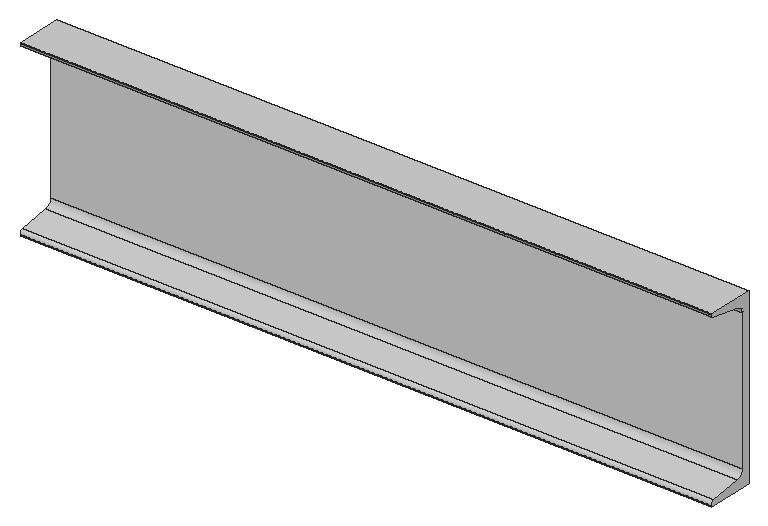
Revit family "22e1c90caf0e490dafe9a4166c912bf5", category Structural Framing, Revit 2021
Family settings
  Structural Framing Length Roundoff = 0' - 0"
  Section Shape = C-channel Sloped Flange
  Material for Model Behavior = Steel
  Always export as geometry = No
  Family Name Key = C Shapes
  Code Name = AISC 14.1
  OmniClass Number = 23.25.30.11.14.14
  OmniClass Title = Beams
  Seek Item ID = C Shapes-0000-USA-ENU
  Always vertical = Yes
  Cut with Voids When Loaded = No
  Symbolic Representation = From Project Settings
  Shared = No
  Show family pre-cut in plan views = Yes
Parameters (values of type "C12X30")
  Width = 0' - 3.17"
  Web Thickness = 0.5100"
  Web Fillet = 0.5010"
  Warping Constant = 151.00 in⁶
  Torsional Moment of Inertia = 0.8610 in⁴
  Structural Material [instance] = Steel ASTM A36
  Sloped Flange Angle = 9.46°
  Section Name Key = ""
  Section Area = 8.81 in²
  Principal Axes Angle = 0.00°
  Plastic Modulus weak axis = 4.320 in³
  Plastic Modulus strong axis = 33.800 in³
  Nominal Weight = 30.00 lbf/ft
  Moment of Inertia weak axis = 5.1200 in⁴
  Moment of Inertia strong axis = 162.0000 in⁴
  Height = 1' - 0"
  Flange Thickness Location = 1.3300"
  Flange Thickness = 0.5010"
  Flange Fillet = 0.2505"
  Elastic Modulus weak axis = 2.050 in³
  Elastic Modulus strong axis = 27.000 in³
  Centroid Vertical = Height / 2  # 6.0000"
  Centroid Horizontal = 0' - 0.674"
  Bolt Spacing = 0' - 1 3/4"
  Assembly Code = "B10"
  Length [instance] = 5' - 0"
Types (2): name | Width | Web Thickness | Web Fillet | Warping Constant | Torsional Moment of Inertia | Section Area | Plastic Modulus weak axis | Plastic Modulus strong axis | Nominal Weight | Moment of Inertia weak axis | Moment of Inertia strong axis | Height | Flange Thickness Location | Flange Thickness | Flange Fillet | Elastic Modulus weak axis | Elastic Modulus strong axis | Centroid Vertical | Centroid Horizontal | Bolt Spacing
  C12X30 | 0' - 3.17" | 0.5100" | 0.5010" | 151.00 in⁶ | 0.8610 in⁴ | 8.81 in² | 4.320 in³ | 33.800 in³ | 30.00 lbf/ft | 5.1200 in⁴ | 162.0000 in⁴ | 1' - 0" | 1.3300" | 0.5010" | 0.2505" | 2.050 in³ | 27.000 in³ | 6.0000" | 0' - 0.674" | 0' - 1 3/4"
  C15X33.9 | 0' - 3.4" | 0.4000" | 0.6500" | 358.00 in⁶ | 1.0100 in⁴ | 10.00 in² | 6.190 in³ | 50.800 in³ | 33.90 lbf/ft | 8.0700 in⁴ | 315.0000 in⁴ | 1' - 3" | 1.5000" | 0.6500" | 0.3250" | 3.090 in³ | 42.000 in³ | 7.5000" | 0' - 0.788" | 0' - 2"
Reference planes (in)
  plane 1 "Center (Front/Back)": y = 0
  plane 2: z = 0
  plane 3 "Center (Left/Right)": x = 0.1815
  plane 4 "Member Left": x = -23.8185
  plane 5 "Member Right": x = 24.1815
  plane 6 "Center Left/Right": y = 0.674
  plane 7: y = -2.496
  plane 8 "Top": z = 6
  plane 9: z = -6
  plane 10 "Left": x = -29.8185
  plane 11 "Right": x = 30.1815
Forms (in)
  Sweep 1, solid, material "Steel ASTM A36" <- "Structural Material", detail levels fine
    path origin (0, 0, 0) x (1, 0, 0) y (0, 1, 0)
      loop
        line (-23.8185, 0) -> (24.1815, 0)
    profile "C-Shape-Profile-Fine : C-Shape-Profile-Fine" origin (0.1815, 0, 0) x (0, 1, 0) y (0, 0, 1)
      loop
        line (-2.496, 6) -> (-2.496, 5.93283)
        arc (-2.496, 5.93283) -> (-2.43663, 5.7709) -> (-2.28667, 5.68573) r 0.2505
        line (-2.28667, 5.68573) -> (-1.166, 5.499) -> (-0.25466, 5.34715)
        arc (-0.25466, 5.34715) -> (0.04527, 5.1768) -> (0.164, 4.85296) r 0.501
        line (0.164, 4.85296) -> (0.164, -4.85296)
        arc (0.164, -4.85296) -> (0.04527, -5.1768) -> (-0.25466, -5.34715) r 0.501
        line (-0.25466, -5.34715) -> (-1.166, -5.499) -> (-2.28667, -5.68573)
        arc (-2.28667, -5.68573) -> (-2.43663, -5.7709) -> (-2.496, -5.93283) r 0.2505
        line (-2.496, -5.93283) -> (-2.496, -6) -> (0.674, -6) -> (0.674, 6) -> (-2.496, 6)
  Sweep 2, solid, material "Steel ASTM A36" <- "Structural Material", detail levels medium
    path origin (0, 0, 0) x (1, 0, 0) y (0, 1, 0)
      loop
        line (-23.8185, 0) -> (24.1815, 0)
    profile "C-Shape-Profile-Medium : C-Shape-Profile-Medium" origin (0.1815, 0, 0) x (0, 1, 0) y (0, 0, 1)
      loop
        line (-2.496, 6) -> (-2.496, 5.72061) -> (-1.166, 5.499) -> (0.164, 5.27739) -> (0.164, -5.27739) -> (-1.166, -5.499) -> (-2.496, -5.72061) -> (-2.496, -6) -> (0.674, -6) -> (0.674, 6) -> (-2.496, 6)
Lines and regions (in)
  symbolic lines, style "Hidden Faces", detail levels medium+fine
    curve 1: line (-23.8185, 0.674, 5.72061) -> (24.1815, 0.674, 5.72061)
    curve 2: line (-23.8185, 0.674, -5.72061) -> (24.1815, 0.674, -5.72061)
    curve 6: line (-23.8185, 0.164, 0) -> (24.1815, 0.164, 0)
  symbolic lines, style "Stick Symbols", detail levels coarse
    curve 3: line (0.1815, 0.674, -6) -> (0.1815, 0.674, 6)
    curve 4: line (0.1815, 0.674, 6) -> (0.1815, -2.496, 6)
    curve 5: line (0.1815, 0.674, -6) -> (0.1815, -2.496, -6)
Dimensions and locks (in)
  "Width": plane 6 "Center Left/Right" to plane 7
  "Height": plane 9 to plane 8 "Top"
  "Centroid Horizontal": plane 6 "Center Left/Right" to plane 1 "Center (Front/Back)"
  equal spacing: plane 9, plane 2, plane 8 "Top"
  "Length": plane 10 "Left" to plane 11 "Right"
  aligned and locked: plane 4 "Member Left" to curve 6
  aligned and locked: plane 5 "Member Right" to curve 6
  aligned and locked: plane 4 "Member Left" to curve 1
  aligned and locked: plane 4 "Member Left" to curve 2
  aligned and locked: plane 5 "Member Right" to curve 1
  aligned and locked: plane 5 "Member Right" to curve 2
  aligned and locked: plane 4 "Member Left" to Sweep 1 sketch curve
  aligned and locked: plane 1 "Center (Front/Back)" to Sweep 1 sketch curve
  aligned and locked: plane 5 "Member Right" to Sweep 1 sketch curve
  aligned and locked: plane 4 "Member Left" to Sweep 2 sketch curve
  aligned and locked: plane 1 "Center (Front/Back)" to Sweep 2 sketch curve
  aligned and locked: plane 5 "Member Right" to Sweep 2 sketch curve
  aligned and locked: curve 2 to Sweep 2
  aligned and locked: curve 1 to Sweep 2
  aligned and locked: curve 6 to Sweep 2
  aligned and locked: plane 8 "Top" to curve 4
  aligned and locked: curve 3 to plane 6 "Center Left/Right"
  aligned and locked: plane 9 to curve 5
  aligned and locked: plane 2 to level
Automatic sketch dimensions
  curve 5 to plane 7 = 0' - 0"
  curve 4 to plane 7 = 0' - 0"
